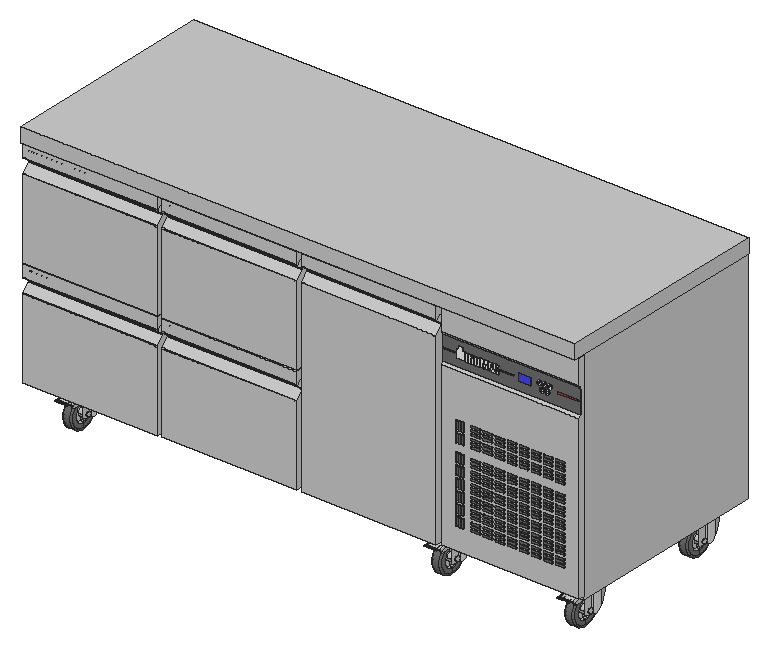
Revit family "QF_INOMAK_PNRP999_250513024609", category Specialty Equipment, Revit 2021 (continued)
Definition of nested family "QF_INOMAK_REF_COUNTERS_DOORS_DRAWERS_16448"
  Parameters (values of type "DR-LX-710")
    URL = "www.inomak.com"
    Top inset [instance] = 10 mm
    Technical Documentation [instance] = ""
    Tag Number [instance] = ""
    Status [instance] = ""
    Specification by User [instance] = ""
    Specification by Manufacturer [instance] = ""
    Sound Level [instance] = ""
    Solid Fuel Type [instance] = ""
    Show Logo [instance] = yes
    Show Clearances [instance] = yes
    Service Life Duration [instance] = ""
    Serial Number [instance] = ""
    Seismic Rating [instance] = ""
    SMACNA No [instance] = ""
    Right panel thickness [instance] = 0 mm
    Revision Code [instance] = ""
    Revision [instance] = ""
    Rear inset [instance] = 0 mm
    Production Year [instance] = ""
    Point Load [instance] = 0
    Plinth height [instance] = 0 mm
    Other Equipment Approvals [instance] = ""
    NAFEM Spec ID Number [instance] = ""
    Model Warning [instance] = ""
    Model = "DR-LX-710"
    Masterspec [instance] = ""
    Manufacturer = "INOMAK"
    Length Actual [instance] = 435 mm
    Left panel thickness [instance] = 0 mm
    Item Number [instance] = ""
    Installed By [instance] = ""
    Installation Date [instance] = ""
    Identify Quantity as Lot [instance] = yes
    ID [instance] = ""
    Hygiene Approval [instance] = ""
    Height Actual [instance] = 710 mm
    Furnished By [instance] = ""
    Front inset [instance] = 10 mm
    Foodservice Equipment Identifier [instance] = yes
    Finish [instance] = none
    ETL Approved [instance] = yes
    Doors drawers type [instance] = 8
    Description = "LEFT HINGED DOOR"
    Depth Actual [instance] = 700 mm
    Default Elevation = 0 mm
    CSI MasterFormat [instance] = ""
    CE Approved [instance] = yes
    Bottom inset [instance] = 10 mm
    Barcode [instance] = ""
    Author [instance] = ""
    Asset Identifier [instance] = ""
    Assembly Code = "E1090320"
    Accessory [instance] = yes
  Types (9, lengths in mm): name | Model | Height Actual | Doors drawers type | Description
    DW-2-710 | "DW-2-710" | 710 | 4 | "2 X GN 1/2 DRAWERS"
    DR-LX-710 | "DR-LX-710" | 710 | 8 | "LEFT HINGED DOOR"
    DR-RX-710 | "DR-RX-710" | 710 | 9 | "RIGHT HINGED DOOR"
    DW-3-710 | "DW-3-710" | 710 | 6 | "3 X GN 1/3 DRAWERS"
    DW-B-710 | "DW-B-710" | 710 | 5 | "1 X GN 1/3 & 1 X GN 2/3 DRAWERS"
    DW-2-483 | "DW-2-483" | 483 | 4 | "2 X GN 1/3 DRAWERS"
    DR-LX-483 | "DR-LX-483" | 483 | 8 | "LEFT HINGED DOOR"
    DR-RX-483 | "DR-RX-483" | 483 | 9 | "RIGHT HINGED DOOR"
    DW-1-483 | "DW-1-483" | 483 | 10 | "1 X GN 2/3 DRAWER"
  Reference planes
    plane 1 "Front": y = 0
    plane 2: z = 0
    plane 3 "Left": x = 0
    plane 4 "Right": x = 435
    plane 5 "Back": y = 700
    plane 6 "Top": z = 710
    plane 7 "Bottom shelf": z = 0
    plane 8: z = 700
    plane 9: z = 10
    plane 10: x = 0
    plane 11: x = 435
    plane 12 "Center Top Bottom": z = 355
  Lines and regions (mm)
    reference lines
      curve 1: line (0, 0, 355) -> (0, 25, 355)
      curve 2: line (435, 0, 355) -> (435, 25, 355)
      curve 3: line (0, 700, 355) -> (435, 700, 355)
      curve 4: line (0, 0, 355) -> (435, 0, 355)
  Dimensions and locks
    "Length Actual": plane 3 "Left" to plane 4 "Right"
    "Depth Actual": plane 1 "Front" to plane 5 "Back"
    "Height Actual": plane 6 "Top" to plane 7 "Bottom shelf"
    "Plinth height": plane 7 "Bottom shelf" to plane 2
    "Top inset": plane 6 "Top" to plane 8
    "Bottom inset": plane 9 to plane 7 "Bottom shelf"
    "Left panel thickness": plane 3 "Left" to plane 10
    "Right panel thickness": plane 11 to plane 4 "Right"
    equal spacing: plane 6 "Top", plane 12 "Center Top Bottom", plane 7 "Bottom shelf"
    "Length Actual": curve 1 to plane 4 "Right"
    "Length Actual": plane 3 "Left" to curve 2
    "Depth Actual": plane 1 "Front" to curve 3
    "Depth Actual": plane 5 "Back" to curve 4
    aligned and locked: level to plane 2
    aligned and locked: plane 3 "Left" to nested 1
    aligned and locked: plane 3 "Left" to nested 2
    aligned and locked: plane 3 "Left" to nested 3
    aligned and locked: plane 3 "Left" to nested 4
    aligned and locked: plane 3 "Left" to nested 5
    aligned and locked: plane 3 "Left" to nested 6
    aligned and locked: plane 3 "Left" to nested 7
    aligned and locked: plane 3 "Left" to nested 8
    aligned and locked: plane 3 "Left" to nested 9
    aligned and locked: nested 4 to plane 1 "Front"
    aligned and locked: nested 6 to plane 1 "Front"
    aligned and locked: nested 8 to plane 1 "Front"
    aligned and locked: nested 5 to plane 1 "Front"
    aligned and locked: nested 3 to plane 1 "Front"
    aligned and locked: nested 7 to plane 1 "Front"
    aligned and locked: nested 2 to plane 1 "Front"
    aligned and locked: nested 1 to plane 1 "Front"
    aligned and locked: nested 9 to plane 1 "Front"
  Automatic sketch dimensions
    curve 3 to plane 4 "Right" = 0 mm
    curve 3 to plane 3 "Left" = 0 mm
    curve 2 to curve 2 = 25 mm
    curve 1 to curve 1 = 25 mm
  Nested families
    nested 1: "Right_Door" at (0, 700, 0), Depth Actual <- "Depth Actual", Height Actual <- "Height Actual", Length Actual <- "Length Actual", Front inset <- "Front inset", Rear inset <- "Rear inset", Left panel thickness <- "Left panel thickness", Right panel thickness <- "Right panel thickness", Doors drawers type <- "Doors drawers type", Plinth height <- "Plinth height", Top inset <- "Top inset", Bottom inset <- "Bottom inset", type "Right door"
      with Top inset 10 mm, Right panel thickness 0 mm, Right hand hinged door no, Rear inset 0 mm, Plinth height 0 mm, Length Actual 435 mm, Left panel thickness 0 mm, Height Actual 710 mm, Front inset 10 mm, Doors drawers type 8, Depth Actual 700 mm, Bottom inset 10 mm
    nested 2: "Left_Door" at (0, 700, 0), Depth Actual <- "Depth Actual", Height Actual <- "Height Actual", Length Actual <- "Length Actual", Front inset <- "Front inset", Rear inset <- "Rear inset", Left panel thickness <- "Left panel thickness", Right panel thickness <- "Right panel thickness", Doors drawers type <- "Doors drawers type", Plinth height <- "Plinth height", Top inset <- "Top inset", Bottom inset <- "Bottom inset", type "Left door"
      with Top inset 10 mm, Right panel thickness 0 mm, Rear inset 0 mm, Plinth height 0 mm, Length Actual 435 mm, Left panel thickness 0 mm, Left hand hinged door yes, Height Actual 710 mm, Front inset 10 mm, Doors drawers type 8, Depth Actual 700 mm, Bottom inset 10 mm
    nested 3: "3_Drawers_1-3" at (0, 700, 0), Depth Actual <- "Depth Actual", Height Actual <- "Height Actual", Length Actual <- "Length Actual", Front inset <- "Front inset", Rear inset <- "Rear inset", Left panel thickness <- "Left panel thickness", Right panel thickness <- "Right panel thickness", Doors drawers type <- "Doors drawers type", Plinth height <- "Plinth height", Top inset <- "Top inset", Bottom inset <- "Bottom inset", type "3 Drawers 1-3"
      with Top inset 10 mm, Right panel thickness 0 mm, Rear inset 0 mm, Plinth height 0 mm, Length Actual 435 mm, Left panel thickness 0 mm, Height Actual 710 mm, Front inset 10 mm, Doors drawers type 8, Depth Actual 700 mm, Bottom inset 10 mm, 3 Drawers no
    nested 4: "2_Drawers_1-2" at (0, 700, 0), Depth Actual <- "Depth Actual", Height Actual <- "Height Actual", Length Actual <- "Length Actual", Front inset <- "Front inset", Rear inset <- "Rear inset", Left panel thickness <- "Left panel thickness", Right panel thickness <- "Right panel thickness", Doors drawers type <- "Doors drawers type", Plinth height <- "Plinth height", Top inset <- "Top inset", Bottom inset <- "Bottom inset", type "2 Drawers 1-2"
      with Top inset 10 mm, Right panel thickness 0 mm, Rear inset 0 mm, Plinth height 0 mm, Length Actual 435 mm, Left panel thickness 0 mm, Height Actual 710 mm, Front inset 10 mm, Doors drawers type 8, Depth Actual 700 mm, Bottom inset 10 mm, 2 Drawers no
    nested 5: "2_Drawers_1-3_2-3" at (0, 700, 0), Depth Actual <- "Depth Actual", Height Actual <- "Height Actual", Length Actual <- "Length Actual", Front inset <- "Front inset", Rear inset <- "Rear inset", Left panel thickness <- "Left panel thickness", Right panel thickness <- "Right panel thickness", Doors drawers type <- "Doors drawers type", Plinth height <- "Plinth height", Top inset <- "Top inset", Bottom inset <- "Bottom inset", type "2 Drawers 1-3 and 2-3"
      with Top inset 10 mm, Right panel thickness 0 mm, Rear inset 0 mm, Plinth height 0 mm, Length Actual 435 mm, Left panel thickness 0 mm, Height Actual 710 mm, Front inset 10 mm, Doors drawers type 8, Depth Actual 700 mm, Bottom inset 10 mm, 2 Drawers 1-3 and 2-3 no
    nested 6: "Sliding_Doors" at (0, 700, 0), Depth Actual <- "Depth Actual", Height Actual <- "Height Actual", Length Actual <- "Length Actual", Front inset <- "Front inset", Rear inset <- "Rear inset", Left panel thickness <- "Left panel thickness", Right panel thickness <- "Right panel thickness", Doors drawers type <- "Doors drawers type", Plinth height <- "Plinth height", Top inset <- "Top inset", Bottom inset <- "Bottom inset", Finish <- "Finish", type "Sliding doors"
      with Top inset 10 mm, Sliding doors no, Right panel thickness 0 mm, Rear inset 0 mm, Plinth height 0 mm, Length Actual 435 mm, Left panel thickness 0 mm, Height Actual 710 mm, Front inset 10 mm, Finish none, Doors drawers type 8, Depth Actual 700 mm, Bottom inset 10 mm
    nested 7: "4_Drawers_1-4" at (0, 700, 0), Depth Actual <- "Depth Actual", Height Actual <- "Height Actual", Length Actual <- "Length Actual", Front inset <- "Front inset", Rear inset <- "Rear inset", Left panel thickness <- "Left panel thickness", Right panel thickness <- "Right panel thickness", Doors drawers type <- "Doors drawers type", Plinth height <- "Plinth height", Top inset <- "Top inset", Bottom inset <- "Bottom inset", Finish <- "Finish", type "4 Drawers 1-4"
      with Top inset 10 mm, Right panel thickness 0 mm, Rear inset 0 mm, Plinth height 0 mm, Length Actual 435 mm, Left panel thickness 0 mm, Height Actual 710 mm, Front inset 10 mm, Finish none, Doors drawers type 8, Depth Actual 700 mm, Bottom inset 10 mm, 4 Drawers no
    nested 8: "Hinged_Doors" at (0, 700, 0), Length Actual <- "Length Actual", Depth Actual <- "Depth Actual", Height Actual <- "Height Actual", Front inset <- "Front inset", Rear inset <- "Rear inset", Left panel thickness <- "Left panel thickness", Right panel thickness <- "Right panel thickness", Doors drawers type <- "Doors drawers type", Plinth height <- "Plinth height", Top inset <- "Top inset", Bottom inset <- "Bottom inset", Finish <- "Finish", type "Hinged doors"
      with Top inset 10 mm, Right panel thickness 0 mm, Rear inset 0 mm, Plinth height 0 mm, Length Actual 435 mm, Left panel thickness 0 mm, Hinged doors no, Height Actual 710 mm, Front inset 10 mm, Finish none, Doors drawers type 8, Depth Actual 700 mm, Bottom inset 10 mm
    nested 9: "Hopper" at (0, 700, 1.284), Length Actual <- "Length Actual", Depth Actual <- "Depth Actual", Height Actual <- "Height Actual", Front inset <- "Front inset", Rear inset <- "Rear inset", Left panel thickness <- "Left panel thickness", Right panel thickness <- "Right panel thickness", Doors drawers type <- "Doors drawers type", Plinth height <- "Plinth height", Top inset <- "Top inset", Bottom inset <- "Bottom inset", Finish <- "Finish", type "Hopper"
      with Top inset 10 mm, Right panel thickness 0 mm, Rear inset 0 mm, Plinth height 0 mm, Length Actual 435 mm, Left panel thickness 0 mm, Hopper no, Height Actual 710 mm, Front inset 10 mm, Finish none, Doors drawers type 8, Depth Actual 700 mm, Bottom inset 10 mm
  Definition of nested family "Left_Door"
    Parameters (values of type "Left door")
      URL = "www.specifiglobal.com"
      Top inset [instance] = 10 mm
      Right panel thickness [instance] = 0 mm
      Rear inset [instance] = 0 mm
      Plinth height [instance] = 150 mm
      Model = ""
      Manufacturer = "DEMO CONSULTANT"
      Length Actual [instance] = 700 mm
      Left panel thickness [instance] = 0 mm
      Left hand hinged door [instance] = Doors drawers type = 8  # yes
      Height Actual [instance] = 710 mm
      Front inset [instance] = 10 mm
      Finish = none
      Doors drawers type [instance] = 8
      Description = ""
      Depth Actual [instance] = 700 mm
      Default Elevation = 0 mm
      Bottom inset [instance] = 0 mm
      Assembly Code = "E1090320"
    Reference planes
      plane 1 "Back": y = 0
      plane 2: z = 0
      plane 3 "Left": x = 0
      plane 4 "Right": x = 700
      plane 5 "Front": y = -700
      plane 6 "Top": z = 860
      plane 7 "Front legs": y = -690
      plane 8 "Legs top": z = 150
      plane 9 "Backsplash thickness": y = 0
      plane 10 "Left panel": x = 0
      plane 11 "Right panel": x = 700
      plane 12: z = 850
      plane 13: z = 150
    Forms (mm)
      Extrusion 1, solid, material <- "Finish", visible <- "Left hand hinged door"
        sketch origin (0, 0, 0) x (0, -1, 0) y (0, 0, 1)
          loop
            line (690, 150) -> (690, 764.365)
            arc (690, 764.365) -> (689.866, 765.037) -> (689.485, 765.607) r 1.757
            line (689.485, 765.607) -> (666.663, 788.429)
            arc (666.663, 788.429) -> (665.976, 789.458) -> (665.734, 790.672) r 3.172
            line (665.734, 790.672) -> (665.734, 817.576)
            arc (665.734, 817.576) -> (666.433, 819.262) -> (668.119, 819.961) r 2.385
            line (668.119, 819.961) -> (680.029, 819.961) -> (686.544, 810.657)
            arc (686.544, 810.657) -> (688.671, 809.935) -> (690, 811.747) r 1.9
            line (690, 811.747) -> (690, 850) -> (648, 850) -> (648, 150) -> (690, 150)
        from 0 to -700
      Extrusion 2, solid, visible <- "Left hand hinged door", detail levels coarse
        sketch origin (0, -700, 150) x (-1, 0, 0) y (0, 1, 0)
          loop
            arc (-700, 10) -> (-495.871, -481.066) -> (0, -673.23) r 677.11
            line (0, -673.23) -> (0, 10) -> (-700, 10)
        from 0 to -700
    Lines and regions (mm)
      symbolic lines, visible <- "Left hand hinged door"
        curve 1: line (0, -700, 150) -> (0, -1373.247, 150)
        curve 2: arc (0, -1373.247, 150) -> (492.316, -1184.595, 150) -> (700, -700, 150) r 676.963
    Dimensions and locks
      "Length Actual": plane 3 "Left" to plane 4 "Right"
      "Depth Actual": plane 5 "Front" to plane 1 "Back"
      "Height Actual": plane 6 "Top" to plane 8 "Legs top"
      "Front inset": plane 7 "Front legs" to plane 5 "Front"
      "Plinth height": plane 8 "Legs top" to plane 2
      "Rear inset": plane 9 "Backsplash thickness" to plane 1 "Back"
      "Right panel thickness": plane 11 "Right panel" to plane 4 "Right"
      "Left panel thickness": plane 3 "Left" to plane 10 "Left panel"
      "Top inset": plane 6 "Top" to plane 12
      "Bottom inset": plane 13 to plane 8 "Legs top"
      aligned and locked: level to plane 2
      aligned and locked: Extrusion 1 to plane 11 "Right panel"
      aligned and locked: plane 10 "Left panel" to Extrusion 2 sketch curve
      aligned and locked: plane 11 "Right panel" to Extrusion 2 sketch curve
      aligned and locked: Extrusion 2 sketch curve to plane 10 "Left panel"
      aligned and locked: plane 7 "Front legs" to Extrusion 2 sketch curve
      aligned and locked: plane 7 "Front legs" to Extrusion 2
      aligned and locked: plane 10 "Left panel" to Extrusion 2
      aligned and locked: Extrusion 2 to plane 12
      aligned and locked: Extrusion 1 sketch curve to plane 13
      aligned and locked: Extrusion 1 sketch curve to plane 7 "Front legs"
      aligned and locked: Extrusion 1 sketch curve to plane 12
    Automatic sketch dimensions
      Extrusion 1 sketch curve to Extrusion 1 sketch curve = 1.556 mm
      Extrusion 1 sketch curve to Extrusion 1 sketch curve = 11.91 mm
      Extrusion 1 sketch curve to Extrusion 1 sketch curve = 2.243 mm
      Extrusion 1 sketch curve to Extrusion 1 sketch curve = 2.385 mm
      Extrusion 1 sketch curve to Extrusion 1 sketch curve = 20.119 mm
      Extrusion 1 sketch curve to Extrusion 1 sketch curve = 22.822 mm
      Extrusion 1 sketch curve to Extrusion 1 sketch curve = 19.985 mm
      Extrusion 1 sketch curve to Extrusion 1 sketch curve = 6.919 mm
      Extrusion 1 sketch curve to Extrusion 1 sketch curve = 30.039 mm
      plane 7 "Front legs" to Extrusion 1 sketch curve = 42 mm
      Extrusion 1 sketch curve to Extrusion 1 sketch curve = 0.929 mm
      Extrusion 1 sketch curve to Extrusion 1 sketch curve = 6.515 mm
      Extrusion 1 sketch curve to Extrusion 1 sketch curve = 1.242 mm
      Extrusion 1 sketch curve to Extrusion 1 sketch curve = 1.9 mm
      Extrusion 1 sketch curve to Extrusion 1 sketch curve = 0.515 mm
      plane 5 "Front" to Extrusion 2 sketch curve = 3.492 mm
      plane 3 "Left" to Extrusion 2 sketch curve = 22.921 mm
      curve 1 to plane 3 "Left" = 0 mm
      curve 2 to plane 4 "Right" = 0 mm
      curve 2 to plane 5 "Front" = 0 mm
      curve 1 to plane 5 "Front" = 0 mm
      plane 5 "Front" to curve 2 = 3.324 mm
      plane 3 "Left" to curve 2 = 23.045 mm
  Definition of nested family "Right_Door"
    Parameters (values of type "Right door")
      URL = "www.specifiglobal.com"
      Top inset [instance] = 4 mm
      Right panel thickness [instance] = 35 mm
      Right hand hinged door [instance] = Doors drawers type = 9  # yes
      Rear inset [instance] = 10 mm
      Plinth height [instance] = 150 mm
      Model = ""
      Manufacturer = "DEMO CONSULTANT"
      Length Actual [instance] = 1700 mm
      Left panel thickness [instance] = 35 mm
      Height Actual [instance] = 900 mm
      Front inset [instance] = 10 mm
      Finish = none
      Doors drawers type [instance] = 9
      Description = ""
      Depth Actual [instance] = 700 mm
      Default Elevation = 0 mm
      Bottom inset [instance] = 4 mm
      Assembly Code = "E1090320"
    Reference planes
      plane 1 "Back": y = 0
      plane 2: z = 0
      plane 3 "Left": x = 0
      plane 4 "Right": x = 1700
      plane 5 "Front": y = -700
      plane 6 "Top": z = 1050
      plane 7 "Front legs": y = -690
      plane 8 "Legs top": z = 150
      plane 9 "Backsplash thickness": y = -10
      plane 10 "Left panel": x = 35
      plane 11 "Right panel": x = 1665
      plane 12: z = 1046
      plane 13: z = 154
    Forms (mm)
      Extrusion 1, solid, material <- "Finish", visible <- "Right hand hinged door"
        sketch origin (35, 0, 0) x (0, -1, 0) y (0, 0, 1)
          loop
            line (690, 154) -> (690, 960.365)
            arc (690, 960.365) -> (689.866, 961.037) -> (689.485, 961.607) r 1.757
            line (689.485, 961.607) -> (666.663, 984.429)
            arc (666.663, 984.429) -> (665.976, 985.458) -> (665.734, 986.672) r 3.172
            line (665.734, 986.672) -> (665.734, 1013.576)
            arc (665.734, 1013.576) -> (666.433, 1015.262) -> (668.119, 1015.961) r 2.385
            line (668.119, 1015.961) -> (680.029, 1015.961) -> (686.544, 1006.657)
            arc (686.544, 1006.657) -> (688.671, 1005.935) -> (690, 1007.747) r 1.9
            line (690, 1007.747) -> (690, 1046) -> (648, 1046) -> (648, 154) -> (690, 154)
        from 0 to -1630
      Extrusion 2, solid, visible <- "Right hand hinged door", detail levels coarse
        sketch origin (0, -700, 154) x (-1, 0, 0) y (0, 1, 0)
          loop
            line (-1665, 10) -> (-1665, -1637.12)
            arc (-1665, -1637.12) -> (-517.894, -1142.214) -> (-35, 10) r 1670.236
            line (-35, 10) -> (-1665, 10)
        from 0 to -892
    Lines and regions (mm)
      symbolic lines, visible <- "Right hand hinged door"
        curve 1: line (1665, -2337.12, 150) -> (1665, -700, 150)
        curve 2: arc (1665, -2337.12, 150) -> (521.415, -1845.762, 150) -> (35.165, -699.995, 150) r 1670.236
    Dimensions and locks
      "Length Actual": plane 3 "Left" to plane 4 "Right"
      "Depth Actual": plane 5 "Front" to plane 1 "Back"
      "Height Actual": plane 6 "Top" to plane 8 "Legs top"
      "Front inset": plane 7 "Front legs" to plane 5 "Front"
      "Plinth height": plane 8 "Legs top" to plane 2
      "Rear inset": plane 9 "Backsplash thickness" to plane 1 "Back"
      "Right panel thickness": plane 11 "Right panel" to plane 4 "Right"
      "Left panel thickness": plane 3 "Left" to plane 10 "Left panel"
      "Top inset": plane 6 "Top" to plane 12
      "Bottom inset": plane 13 to plane 8 "Legs top"
      aligned and locked: level to plane 2
      aligned and locked: Extrusion 1 to plane 11 "Right panel"
      aligned and locked: plane 10 "Left panel" to Extrusion 2 sketch curve
      aligned and locked: plane 11 "Right panel" to Extrusion 2 sketch curve
      aligned and locked: plane 7 "Front legs" to Extrusion 2
      aligned and locked: plane 7 "Front legs" to Extrusion 2 sketch curve
      aligned and locked: Extrusion 2 sketch curve to plane 11 "Right panel"
      aligned and locked: curve 1 to Extrusion 2
      aligned and locked: plane 5 "Front" to curve 1
      aligned and locked: Extrusion 2 to plane 12
      aligned and locked: Extrusion 1 sketch curve to plane 12
      aligned and locked: Extrusion 1 sketch curve to plane 7 "Front legs"
      aligned and locked: Extrusion 1 sketch curve to plane 13
      aligned and locked: curve 2 to Extrusion 2
    Automatic sketch dimensions
      Extrusion 1 sketch curve to Extrusion 1 sketch curve = 1.556 mm
      Extrusion 1 sketch curve to Extrusion 1 sketch curve = 11.91 mm
      Extrusion 1 sketch curve to Extrusion 1 sketch curve = 2.243 mm
      Extrusion 1 sketch curve to Extrusion 1 sketch curve = 2.385 mm
      Extrusion 1 sketch curve to Extrusion 1 sketch curve = 20.119 mm
      Extrusion 1 sketch curve to Extrusion 1 sketch curve = 22.822 mm
      Extrusion 1 sketch curve to Extrusion 1 sketch curve = 19.985 mm
      Extrusion 1 sketch curve to Extrusion 1 sketch curve = 6.919 mm
      Extrusion 1 sketch curve to Extrusion 1 sketch curve = 30.039 mm
      plane 7 "Front legs" to Extrusion 1 sketch curve = 42 mm
      Extrusion 1 sketch curve to Extrusion 1 sketch curve = 0.929 mm
      Extrusion 1 sketch curve to Extrusion 1 sketch curve = 6.515 mm
      Extrusion 1 sketch curve to Extrusion 1 sketch curve = 1.242 mm
      Extrusion 1 sketch curve to Extrusion 1 sketch curve = 1.9 mm
      Extrusion 1 sketch curve to Extrusion 1 sketch curve = 0.515 mm
      Extrusion 2 sketch curve to plane 4 "Right" = 5.083 mm
      plane 7 "Front legs" to Extrusion 2 sketch curve = 22.635 mm
      plane 5 "Front" to curve 2 = 0.005 mm
  Definition of nested family "3_Drawers_1-3"
    Parameters (values of type "3 Drawers 1-3")
      URL = "www.specifiglobal.com"
      Top inset [instance] = 4 mm
      Right panel thickness [instance] = 35 mm
      Rear inset [instance] = 10 mm
      Plinth height [instance] = 150 mm
      Model = ""
      Manufacturer = "DEMO CONSULTANT"
      Length Actual [instance] = 1200 mm
      Left panel thickness [instance] = 35 mm
      Height Actual [instance] = 900 mm
      Front inset [instance] = 10 mm
      Finish = none
      Doors drawers type [instance] = 6
      Description = ""
      Depth Actual [instance] = 700 mm
      Default Elevation = 0 mm
      Bottom inset [instance] = 4 mm
      Assembly Code = "E1090320"
      3 Drawers [instance] = Doors drawers type = 6  # yes
    Reference planes
      plane 1 "Back": y = 0
      plane 2: z = 0
      plane 3 "Left": x = 0
      plane 4 "Right": x = 1200
      plane 5 "Front": y = -700
      plane 6 "Top": z = 1050
      plane 7 "Front legs": y = -690
      plane 8 "Legs top": z = 150
      plane 9 "Backsplash thickness": y = -10
      plane 10 "Left panel": x = 35
      plane 11 "Right panel": x = 1165
      plane 12: z = 749.333
      plane 13: z = 1046
      plane 14: z = 751.667
      plane 15: z = 747
      plane 16: z = 1048
      plane 17: z = 450.667
      plane 18: z = 453.333
      plane 19: z = 448
      plane 20: z = 154
      plane 21: z = 152
    Forms (mm)
      Extrusion 1, solid, material <- "Finish", visible <- "3 Drawers"
        sketch origin (35, 0, 0) x (0, -1, 0) y (0, 0, 1)
          loop
            line (690, 751.667) -> (690, 960.365)
            arc (690, 960.365) -> (689.866, 961.037) -> (689.485, 961.607) r 1.757
            line (689.485, 961.607) -> (666.663, 984.429)
            arc (666.663, 984.429) -> (665.976, 985.458) -> (665.734, 986.672) r 3.172
            line (665.734, 986.672) -> (665.734, 1013.576)
            arc (665.734, 1013.576) -> (666.433, 1015.262) -> (668.119, 1015.961) r 2.385
            line (668.119, 1015.961) -> (680.029, 1015.961) -> (686.544, 1006.657)
            arc (686.544, 1006.657) -> (688.671, 1005.935) -> (690, 1007.747) r 1.9
            line (690, 1007.747) -> (690, 1046) -> (648, 1046) -> (648, 751.667) -> (690, 751.667)
        from 0 to -1130
      Extrusion 2, solid, visible <- "3 Drawers", detail levels coarse
        sketch origin (0, -640.463, 751.667) x (0, 1, 0) y (-1, 0, 0)
          loop
            line (-49.537, -35) -> (-624.582, -35) -> (-624.582, -1165) -> (-49.537, -1165) -> (-49.537, -35)
        from 0 to 294.333
      Extrusion 3, solid, visible <- "3 Drawers", detail levels coarse
        sketch origin (0, -640.463, 453.333) x (0, 1, 0) y (-1, 0, 0)
          loop
            line (-49.537, -35) -> (-624.582, -35) -> (-624.582, -1165) -> (-49.537, -1165) -> (-49.537, -35)
        from 0 to 293.667
      Extrusion 4, solid, visible <- "3 Drawers", detail levels coarse
        sketch origin (0, -700, 154) x (-1, 0, 0) y (0, 1, 0)
          loop
            line (-35, 10) -> (-1165, 10) -> (-1165, -565.045) -> (-35, -565.045) -> (-35, 10)
        from 0 to -294
      Extrusion 5, solid, material <- "Finish", visible <- "3 Drawers"
        sketch origin (35, 0, -220.667) x (0, -1, 0) y (0, 0, 1)
          loop
            line (690, 674) -> (690, 882.031)
            arc (690, 882.031) -> (689.866, 882.704) -> (689.485, 883.274) r 1.757
            line (689.485, 883.274) -> (666.663, 906.096)
            arc (666.663, 906.096) -> (665.976, 907.125) -> (665.734, 908.339) r 3.172
            line (665.734, 908.339) -> (665.734, 935.243)
            arc (665.734, 935.243) -> (666.433, 936.929) -> (668.119, 937.628) r 2.385
            line (668.119, 937.628) -> (680.029, 937.628) -> (686.544, 928.324)
            arc (686.544, 928.324) -> (688.671, 927.602) -> (690, 929.414) r 1.9
            line (690, 929.414) -> (690, 967.667) -> (648, 967.667) -> (648, 674) -> (690, 674)
        from 0 to -1130
      Extrusion 6, solid, material <- "Finish", visible <- "3 Drawers"
        sketch origin (35, 0, -441.333) x (0, -1, 0) y (0, 0, 1)
          loop
            line (690, 595.333) -> (690, 800.031)
            arc (690, 800.031) -> (689.866, 800.704) -> (689.485, 801.274) r 1.757
            line (689.485, 801.274) -> (666.663, 824.096)
            arc (666.663, 824.096) -> (665.976, 825.125) -> (665.734, 826.339) r 3.172
            line (665.734, 826.339) -> (665.734, 857.243)
            arc (665.734, 857.243) -> (666.433, 858.929) -> (668.119, 859.628) r 2.385
            line (668.119, 859.628) -> (680.029, 859.628) -> (686.544, 850.324)
            arc (686.544, 850.324) -> (688.671, 849.602) -> (690, 851.414) r 1.9
            line (690, 851.414) -> (690, 889.333) -> (648, 889.333) -> (648, 595.333) -> (690, 595.333)
        from 0 to -1130
    Lines and regions (mm)
      symbolic lines, visible <- "3 Drawers"
        curve 1: line (35, -850, 900) -> (35, -890, 900)
        curve 2: line (35, -890, 900) -> (1165, -890, 900)
        curve 3: line (1165, -890, 900) -> (1165, -850, 900)
        curve 4: line (1165, -850, 900) -> (35, -850, 900)
        curve 5: line (1135, -850, 900) -> (1135, -700, 900)
        curve 6: line (65, -850, 900) -> (65, -700, 900)
        curve 7: line (35, -1040, 900) -> (35, -1080, 900)
        curve 8: line (35, -1080, 900) -> (1165, -1080, 900)
        curve 9: line (1165, -1080, 900) -> (1165, -1040, 900)
        curve 10: line (1165, -1040, 900) -> (35, -1040, 900)
        curve 11: line (1135, -1040, 900) -> (1135, -890, 900)
        curve 12: line (65, -1040, 900) -> (65, -890, 900)
        curve 13: line (35, -1225, 900) -> (35, -1265, 900)
        curve 14: line (35, -1265, 900) -> (1165, -1265, 900)
        curve 15: line (1165, -1265, 900) -> (1165, -1225, 900)
        curve 16: line (1165, -1225, 900) -> (35, -1225, 900)
        curve 17: line (1135, -1225, 900) -> (1135, -1080, 900)
        curve 18: line (65, -1225, 900) -> (65, -1080, 900)
    Dimensions and locks
      "Length Actual": plane 3 "Left" to plane 4 "Right"
      "Depth Actual": plane 5 "Front" to plane 1 "Back"
      "Height Actual": plane 6 "Top" to plane 8 "Legs top"
      "Front inset": plane 7 "Front legs" to plane 5 "Front"
      "Plinth height": plane 8 "Legs top" to plane 2
      "Rear inset": plane 9 "Backsplash thickness" to plane 1 "Back"
      "Right panel thickness": plane 11 "Right panel" to plane 4 "Right"
      "Left panel thickness": plane 3 "Left" to plane 10 "Left panel"
      plane 14 to plane 15 = 4.667 mm
      equal spacing: plane 14, plane 12, plane 15
      locked: plane 16 to plane 13 at 2
      equal spacing: plane 18, plane 17, plane 19
      plane 18 to plane 19 = 5.333 mm
      "Bottom inset": plane 20 to plane 8 "Legs top"
      equal spacing: plane 21, plane 17, plane 12, plane 16
      "Top inset": plane 13 to plane 6 "Top"
      locked: plane 21 to plane 20 at 2
      aligned and locked: level to plane 2
      aligned and locked: Extrusion 1 to plane 11 "Right panel"
      aligned and locked: plane 10 "Left panel" to curve 1
      aligned and locked: plane 10 "Left panel" to curve 7
      aligned and locked: plane 10 "Left panel" to curve 13
      aligned and locked: Extrusion 2 sketch curve to plane 10 "Left panel"
      aligned and locked: plane 11 "Right panel" to Extrusion 2 sketch curve
      aligned and locked: Extrusion 3 sketch curve to plane 10 "Left panel"
      aligned and locked: plane 11 "Right panel" to Extrusion 3 sketch curve
      aligned and locked: Extrusion 4 sketch curve to plane 10 "Left panel"
      aligned and locked: plane 11 "Right panel" to Extrusion 4 sketch curve
      aligned and locked: Extrusion 2 to plane 13
      aligned and locked: Extrusion 3 to plane 15
      aligned and locked: Extrusion 4 to plane 19
      aligned and locked: Extrusion 5 to plane 11 "Right panel"
      aligned and locked: Extrusion 6 to plane 11 "Right panel"
      aligned and locked: Extrusion 1 sketch curve to plane 13
      aligned and locked: Extrusion 1 sketch curve to plane 7 "Front legs"
      aligned and locked: plane 18 to Extrusion 5 sketch curve
      aligned and locked: Extrusion 6 sketch curve to Extrusion 4  (x2)
      aligned and locked: Extrusion 5 sketch curve to plane 15
      aligned and locked: Extrusion 4 to Extrusion 5 sketch curve
      aligned and locked: Extrusion 6 sketch curve to plane 19
      aligned and locked: Extrusion 6 sketch curve to plane 20
    Automatic sketch dimensions
      Extrusion 2 sketch curve to plane 7 "Front legs" = 0 mm
      Extrusion 2 sketch curve to plane 5 "Front" = 565.045 mm
      Extrusion 3 sketch curve to plane 7 "Front legs" = 0 mm
      Extrusion 3 sketch curve to plane 5 "Front" = 565.045 mm
      Extrusion 4 sketch curve to plane 7 "Front legs" = 0 mm
      Extrusion 4 sketch curve to plane 5 "Front" = 565.045 mm
      curve 14 to plane 11 "Right panel" = 0 mm
      curve 8 to plane 11 "Right panel" = 0 mm
      curve 3 to plane 11 "Right panel" = 0 mm
      curve 6 to plane 5 "Front" = 0 mm
      curve 5 to plane 5 "Front" = 0 mm
      curve 1 to plane 5 "Front" = 150 mm
      curve 2 to curve 3 = 40 mm
      curve 10 to curve 1 = 150 mm
      curve 9 to curve 9 = 40 mm
      curve 13 to curve 7 = 145 mm
      curve 14 to curve 13 = 40 mm
      curve 3 to curve 5 = 30 mm
      curve 15 to curve 17 = 30 mm
      curve 11 to curve 17 = 0 mm
      curve 6 to plane 10 "Left panel" = 30 mm
      curve 18 to plane 10 "Left panel" = 30 mm
      curve 12 to curve 18 = 0 mm
      Extrusion 1 sketch curve to plane 14 = 0 mm
      Extrusion 1 sketch curve to plane 7 "Front legs" = 0 mm
      plane 7 "Front legs" to Extrusion 1 sketch curve = 0.515 mm
      plane 7 "Front legs" to Extrusion 1 sketch curve = 1.757 mm
      plane 7 "Front legs" to Extrusion 1 sketch curve = 1.9 mm
      Extrusion 1 sketch curve to Extrusion 1 sketch curve = 1.556 mm
      plane 7 "Front legs" to Extrusion 1 sketch curve = 9.971 mm
      plane 7 "Front legs" to Extrusion 1 sketch curve = 21.094 mm
      Extrusion 1 sketch curve to Extrusion 1 sketch curve = 11.91 mm
      Extrusion 1 sketch curve to Extrusion 1 sketch curve = 2.243 mm
      Extrusion 1 sketch curve to Extrusion 1 sketch curve = 2.385 mm
      Extrusion 1 sketch curve to Extrusion 1 sketch curve = 20.119 mm
      plane 13 to Extrusion 1 sketch curve = 85.635 mm
      Extrusion 1 sketch curve to Extrusion 1 sketch curve = 22.822 mm
      Extrusion 1 sketch curve to Extrusion 1 sketch curve = 19.985 mm
      Extrusion 1 sketch curve to Extrusion 1 sketch curve = 6.919 mm
      plane 15 to Extrusion 5 sketch curve = 59.328 mm
      Extrusion 5 sketch curve to Extrusion 5 sketch curve = 17.734 mm
      plane 15 to Extrusion 5 sketch curve = 61.571 mm
      Extrusion 5 sketch curve to Extrusion 5 sketch curve = 0.929 mm
      Extrusion 5 sketch curve to Extrusion 5 sketch curve = 2.385 mm
      Extrusion 5 sketch curve to Extrusion 5 sketch curve = 11.91 mm
      Extrusion 5 sketch curve to Extrusion 5 sketch curve = 6.515 mm
      Extrusion 5 sketch curve to Extrusion 5 sketch curve = 1.556 mm
      Extrusion 5 sketch curve to Extrusion 5 sketch curve = 21.58 mm
      plane 15 to Extrusion 5 sketch curve = 84.393 mm
      Extrusion 5 sketch curve to Extrusion 5 sketch curve = 1.242 mm
      Extrusion 5 sketch curve to Extrusion 5 sketch curve = 1.9 mm
      Extrusion 5 sketch curve to Extrusion 5 sketch curve = 0.515 mm
      Extrusion 5 sketch curve to Extrusion 5 sketch curve = 6.919 mm
      Extrusion 5 sketch curve to Extrusion 5 sketch curve = 30.039 mm
      plane 7 "Front legs" to Extrusion 6 sketch curve = 0.515 mm
      plane 7 "Front legs" to Extrusion 6 sketch curve = 1.757 mm
      plane 7 "Front legs" to Extrusion 6 sketch curve = 1.9 mm
      Extrusion 6 sketch curve to Extrusion 6 sketch curve = 1.556 mm
      plane 7 "Front legs" to Extrusion 6 sketch curve = 9.971 mm
      plane 7 "Front legs" to Extrusion 6 sketch curve = 21.094 mm
      Extrusion 6 sketch curve to Extrusion 6 sketch curve = 11.91 mm
      Extrusion 6 sketch curve to Extrusion 6 sketch curve = 2.243 mm
      Extrusion 6 sketch curve to Extrusion 6 sketch curve = 2.385 mm
      Extrusion 6 sketch curve to Extrusion 6 sketch curve = 20.119 mm
      plane 19 to Extrusion 6 sketch curve = 89.302 mm
      Extrusion 6 sketch curve to Extrusion 6 sketch curve = 22.822 mm
      Extrusion 6 sketch curve to Extrusion 6 sketch curve = 23.985 mm
      Extrusion 6 sketch curve to Extrusion 6 sketch curve = 6.919 mm
  Definition of nested family "2_Drawers_1-2"
    Parameters (values of type "2 Drawers 1-2")
      URL = "www.specifiglobal.com"
      Top inset [instance] = 4 mm
      Right panel thickness [instance] = 35 mm
      Rear inset [instance] = 10 mm
      Plinth height [instance] = 150 mm
      Model = ""
      Manufacturer = "DEMO CONSULTANT"
      Length Actual [instance] = 1200 mm
      Left panel thickness [instance] = 35 mm
      Height Actual [instance] = 900 mm
      Front inset [instance] = 10 mm
      Finish = none
      Doors drawers type [instance] = 4
      Description = ""
      Depth Actual [instance] = 700 mm
      Default Elevation = 0 mm
      Bottom inset [instance] = 4 mm
      Assembly Code = "E1090320"
      2 Drawers [instance] = Doors drawers type = 4  # yes
    Reference planes
      plane 1 "Back": y = 0
      plane 2: z = 0
      plane 3 "Left": x = 0
      plane 4 "Right": x = 1200
      plane 5 "Front": y = -700
      plane 6 "Top": z = 1050
      plane 7 "Front legs": y = -690
      plane 8 "Legs top": z = 150
      plane 9 "Backsplash thickness": y = -10
      plane 10 "Left panel": x = 35
      plane 11 "Right panel": x = 1165
      plane 12: z = 600
      plane 13: z = 1046
      plane 14: z = 602
      plane 15: z = 598
      plane 16: z = 154
    Forms (mm)
      Extrusion 1, solid, material <- "Finish", visible <- "2 Drawers"
        sketch origin (35, 0, 0) x (0, -1, 0) y (0, 0, 1)
          loop
            line (690, 602) -> (690, 960.365)
            arc (690, 960.365) -> (689.866, 961.037) -> (689.485, 961.607) r 1.757
            line (689.485, 961.607) -> (666.663, 984.429)
            arc (666.663, 984.429) -> (665.976, 985.458) -> (665.734, 986.672) r 3.172
            line (665.734, 986.672) -> (665.734, 1013.576)
            arc (665.734, 1013.576) -> (666.433, 1015.262) -> (668.119, 1015.961) r 2.385
            line (668.119, 1015.961) -> (680.029, 1015.961) -> (686.544, 1006.657)
            arc (686.544, 1006.657) -> (688.671, 1005.935) -> (690, 1007.747) r 1.9
            line (690, 1007.747) -> (690, 1046) -> (648, 1046) -> (648, 602) -> (690, 602)
        from 0 to -1130
      Extrusion 2, solid, visible <- "2 Drawers", detail levels coarse
        sketch origin (0, -640.463, 602) x (0, 1, 0) y (-1, 0, 0)
          loop
            line (-49.537, -35) -> (-624.537, -35) -> (-624.537, -1165) -> (-49.537, -1165) -> (-49.537, -35)
        from 0 to 444
      Extrusion 3, solid, visible <- "2 Drawers", detail levels coarse
        sketch origin (0, -700, 154) x (-1, 0, 0) y (0, 1, 0)
          loop
            line (-35, 10) -> (-1165, 10) -> (-1165, -565) -> (-35, -565) -> (-35, 10)
        from 0 to -444
      Extrusion 4, solid, material <- "Finish", visible <- "2 Drawers"
        sketch origin (35, 0, -441.333) x (0, -1, 0) y (0, 0, 1)
          loop
            line (690, 595.333) -> (690, 953.698)
            arc (690, 953.698) -> (689.866, 954.37) -> (689.485, 954.94) r 1.757
            line (689.485, 954.94) -> (666.663, 977.763)
            arc (666.663, 977.763) -> (665.976, 978.792) -> (665.734, 980.006) r 3.172
            line (665.734, 980.006) -> (665.734, 1006.909)
            arc (665.734, 1006.909) -> (666.433, 1008.596) -> (668.119, 1009.294) r 2.385
            line (668.119, 1009.294) -> (680.029, 1009.294) -> (686.544, 999.991)
            arc (686.544, 999.991) -> (688.671, 999.268) -> (690, 1001.08) r 1.9
            line (690, 1001.08) -> (690, 1039.333) -> (648, 1039.333) -> (648, 595.333) -> (690, 595.333)
        from 0 to -1130
    Lines and regions (mm)
      symbolic lines, visible <- "2 Drawers"
        curve 1: line (35, -940, 900) -> (35, -980, 900)
        curve 2: line (35, -980, 900) -> (1165, -980, 900)
        curve 3: line (1165, -980, 900) -> (1165, -940, 900)
        curve 4: line (1165, -940, 900) -> (35, -940, 900)
        curve 5: line (1135, -940, 900) -> (1135, -700, 900)
        curve 6: line (65, -940, 900) -> (65, -700, 900)
        curve 7: line (35, -1225, 900) -> (35, -1265, 900)
        curve 8: line (35, -1265, 900) -> (1165, -1265, 900)
        curve 9: line (1165, -1265, 900) -> (1165, -1225, 900)
        curve 10: line (1165, -1225, 900) -> (35, -1225, 900)
        curve 11: line (1135, -1225, 900) -> (1135, -980, 900)
        curve 12: line (65, -1225, 900) -> (65, -980, 900)
    Dimensions and locks
      "Length Actual": plane 3 "Left" to plane 4 "Right"
      "Depth Actual": plane 5 "Front" to plane 1 "Back"
      "Height Actual": plane 6 "Top" to plane 8 "Legs top"
      "Front inset": plane 7 "Front legs" to plane 5 "Front"
      "Plinth height": plane 8 "Legs top" to plane 2
      "Rear inset": plane 9 "Backsplash thickness" to plane 1 "Back"
      "Right panel thickness": plane 11 "Right panel" to plane 4 "Right"
      "Left panel thickness": plane 3 "Left" to plane 10 "Left panel"
      "Top inset": plane 6 "Top" to plane 13
      "Bottom inset": plane 16 to plane 8 "Legs top"
      equal spacing: plane 16, plane 12, plane 13
      locked: plane 14 to plane 12 at 2
      locked: plane 15 to plane 12 at 2
      aligned and locked: level to plane 2
      aligned and locked: Extrusion 1 to plane 11 "Right panel"
      aligned and locked: plane 10 "Left panel" to curve 1
      aligned and locked: plane 10 "Left panel" to curve 7
      aligned and locked: Extrusion 2 sketch curve to plane 10 "Left panel"
      aligned and locked: plane 11 "Right panel" to Extrusion 2 sketch curve
      aligned and locked: Extrusion 3 sketch curve to plane 10 "Left panel"
      aligned and locked: plane 11 "Right panel" to Extrusion 3 sketch curve
      aligned and locked: Extrusion 2 to plane 13
      aligned and locked: Extrusion 4 to plane 11 "Right panel"
      aligned and locked: Extrusion 3 to plane 15
      aligned and locked: Extrusion 1 sketch curve to plane 13
      aligned and locked: Extrusion 1 sketch curve to plane 7 "Front legs"
      aligned and locked: plane 14 to Extrusion 1 sketch curve
      aligned and locked: Extrusion 4 sketch curve to plane 15
      aligned and locked: Extrusion 4 sketch curve to plane 7 "Front legs"
      aligned and locked: Extrusion 4 sketch curve to plane 16
    Automatic sketch dimensions
      Extrusion 2 sketch curve to plane 7 "Front legs" = 0 mm
      Extrusion 2 sketch curve to plane 5 "Front" = 565 mm
      Extrusion 3 sketch curve to plane 7 "Front legs" = 0 mm
      Extrusion 3 sketch curve to plane 5 "Front" = 565 mm
      curve 9 to plane 11 "Right panel" = 0 mm
      curve 2 to plane 11 "Right panel" = 0 mm
      curve 5 to plane 5 "Front" = 0 mm
      curve 6 to plane 5 "Front" = 0 mm
      curve 1 to plane 5 "Front" = 240 mm
      curve 3 to curve 3 = 40 mm
      curve 7 to curve 1 = 245 mm
      curve 8 to curve 9 = 40 mm
      plane 11 "Right panel" to curve 5 = 30 mm
      curve 2 to curve 11 = 30 mm
      curve 6 to plane 10 "Left panel" = 30 mm
      curve 12 to plane 10 "Left panel" = 30 mm
      Extrusion 1 sketch curve to Extrusion 1 sketch curve = 17.734 mm
      Extrusion 1 sketch curve to Extrusion 1 sketch curve = 0.929 mm
      Extrusion 1 sketch curve to Extrusion 1 sketch curve = 2.385 mm
      Extrusion 1 sketch curve to Extrusion 1 sketch curve = 3.172 mm
      Extrusion 1 sketch curve to Extrusion 1 sketch curve = 11.91 mm
      Extrusion 1 sketch curve to Extrusion 1 sketch curve = 6.515 mm
      Extrusion 1 sketch curve to Extrusion 1 sketch curve = 1.556 mm
      Extrusion 1 sketch curve to Extrusion 1 sketch curve = 21.58 mm
      Extrusion 1 sketch curve to Extrusion 1 sketch curve = 1.242 mm
      Extrusion 1 sketch curve to Extrusion 1 sketch curve = 1.9 mm
      Extrusion 1 sketch curve to Extrusion 1 sketch curve = 0.515 mm
      Extrusion 1 sketch curve to Extrusion 1 sketch curve = 22.822 mm
      Extrusion 1 sketch curve to Extrusion 1 sketch curve = 19.985 mm
      Extrusion 1 sketch curve to Extrusion 1 sketch curve = 6.919 mm
      Extrusion 1 sketch curve to Extrusion 1 sketch curve = 30.039 mm
      Extrusion 4 sketch curve to plane 7 "Front legs" = 0 mm
      plane 7 "Front legs" to Extrusion 4 sketch curve = 0.515 mm
      plane 7 "Front legs" to Extrusion 4 sketch curve = 1.757 mm
      plane 7 "Front legs" to Extrusion 4 sketch curve = 1.9 mm
      Extrusion 4 sketch curve to Extrusion 4 sketch curve = 1.556 mm
      plane 7 "Front legs" to Extrusion 4 sketch curve = 9.971 mm
      plane 7 "Front legs" to Extrusion 4 sketch curve = 21.094 mm
      Extrusion 4 sketch curve to Extrusion 4 sketch curve = 11.91 mm
      Extrusion 4 sketch curve to Extrusion 4 sketch curve = 2.243 mm
      Extrusion 4 sketch curve to Extrusion 4 sketch curve = 2.385 mm
      Extrusion 4 sketch curve to Extrusion 4 sketch curve = 20.119 mm
      Extrusion 4 sketch curve to Extrusion 4 sketch curve = 22.822 mm
      Extrusion 4 sketch curve to Extrusion 4 sketch curve = 19.985 mm
      Extrusion 4 sketch curve to Extrusion 4 sketch curve = 6.919 mm
      Extrusion 4 sketch curve to Extrusion 4 sketch curve = 30.039 mm
  Definition of nested family "2_Drawers_1-3_2-3"
    Parameters (values of type "2 Drawers 1-3 and 2-3")
      URL = "www.specifiglobal.com"
      Top inset [instance] = 4 mm
      Right panel thickness [instance] = 35 mm
      Rear inset [instance] = 10 mm
      Plinth height [instance] = 150 mm
      Model = ""
      Manufacturer = "DEMO CONSULTANT"
      Length Actual [instance] = 1200 mm
      Left panel thickness [instance] = 35 mm
      Height Actual [instance] = 900 mm
      Front inset [instance] = 10 mm
      Finish = none
      Doors drawers type [instance] = 5
      Description = ""
      Depth Actual [instance] = 700 mm
      Default Elevation = 0 mm
      Bottom inset [instance] = 4 mm
      Assembly Code = "E1090320"
      2 Drawers 1-3 and 2-3 [instance] = Doors drawers type = 5  # yes
    Reference planes
      plane 1 "Back": y = 0
      plane 2: z = 0
      plane 3 "Left": x = 0
      plane 4 "Right": x = 1200
      plane 5 "Front": y = -700
      plane 6 "Top": z = 1050
      plane 7 "Front legs": y = -690
      plane 8 "Legs top": z = 150
      plane 9 "Backsplash thickness": y = -10
      plane 10 "Left panel": x = 35
      plane 11 "Right panel": x = 1165
      plane 12: z = 1046
      plane 13: z = 751.833
      plane 14: z = 746.833
      plane 15: z = 154
      plane 16: z = 450.667
      plane 17: z = 152
      plane 18: z = 1048
      plane 19: z = 749.333
    Forms (mm)
      Extrusion 1, solid, material <- "Finish", visible <- "2 Drawers 1-3 and 2-3"
        sketch origin (35, 0, 0) x (0, -1, 0) y (0, 0, 1)
          loop
            line (690, 751.833) -> (690, 960.365)
            arc (690, 960.365) -> (689.866, 961.037) -> (689.485, 961.607) r 1.757
            line (689.485, 961.607) -> (666.663, 984.429)
            arc (666.663, 984.429) -> (665.976, 985.458) -> (665.734, 986.672) r 3.172
            line (665.734, 986.672) -> (665.734, 1013.576)
            arc (665.734, 1013.576) -> (666.433, 1015.262) -> (668.119, 1015.961) r 2.385
            line (668.119, 1015.961) -> (680.029, 1015.961) -> (686.544, 1006.657)
            arc (686.544, 1006.657) -> (688.671, 1005.935) -> (690, 1007.747) r 1.9
            line (690, 1007.747) -> (690, 1046) -> (648, 1046) -> (648, 751.833) -> (690, 751.833)
        from 0 to -1130
      Extrusion 2, solid, visible <- "2 Drawers 1-3 and 2-3", detail levels coarse
        sketch origin (0, -640.463, 751.833) x (0, 1, 0) y (-1, 0, 0)
          loop
            line (-49.537, -35) -> (-624.537, -35) -> (-624.537, -1165) -> (-49.537, -1165) -> (-49.537, -35)
        from 0 to 294.167
      Extrusion 3, solid, visible <- "2 Drawers 1-3 and 2-3", detail levels coarse
        sketch origin (0, -700, 154) x (-1, 0, 0) y (0, 1, 0)
          loop
            line (-35, 10) -> (-1165, 10) -> (-1165, -565) -> (-35, -565) -> (-35, 10)
        from 0 to -592.833
      Extrusion 4, solid, material <- "Finish", visible <- "2 Drawers 1-3 and 2-3"
        sketch origin (35, 0, -441.333) x (0, -1, 0) y (0, 0, 1)
          loop
            line (690, 595.333) -> (690, 1101.698)
            arc (690, 1101.698) -> (689.866, 1102.37) -> (689.485, 1102.94) r 1.757
            line (689.485, 1102.94) -> (666.663, 1126.596)
            arc (666.663, 1126.596) -> (665.976, 1127.625) -> (665.734, 1128.839) r 3.172
            line (665.734, 1128.839) -> (665.734, 1155.743)
            arc (665.734, 1155.743) -> (666.433, 1157.429) -> (668.119, 1158.128) r 2.385
            line (668.119, 1158.128) -> (680.029, 1158.128) -> (686.544, 1148.824)
            arc (686.544, 1148.824) -> (688.671, 1148.102) -> (690, 1149.914) r 1.9
            line (690, 1149.914) -> (690, 1188.167) -> (648, 1188.167) -> (648, 595.333) -> (690, 595.333)
        from 0 to -1130
    Lines and regions (mm)
      symbolic lines, visible <- "2 Drawers 1-3 and 2-3"
        curve 1: line (35, -1000, 900) -> (35, -1040, 900)
        curve 2: line (35, -1040, 900) -> (1165, -1040, 900)
        curve 3: line (1165, -1040, 900) -> (1165, -1000, 900)
        curve 4: line (1165, -1000, 900) -> (35, -1000, 900)
        curve 5: line (1135, -1000, 900) -> (1135, -700, 900)
        curve 6: line (65, -1000, 900) -> (65, -700, 900)
        curve 7: line (35, -1225, 900) -> (35, -1265, 900)
        curve 8: line (35, -1265, 900) -> (1165, -1265, 900)
        curve 9: line (1165, -1265, 900) -> (1165, -1225, 900)
        curve 10: line (1165, -1225, 900) -> (35, -1225, 900)
        curve 11: line (1135, -1225, 900) -> (1135, -1040, 900)
        curve 12: line (65, -1225, 900) -> (65, -1040, 900)
    Dimensions and locks
      "Length Actual": plane 3 "Left" to plane 4 "Right"
      "Depth Actual": plane 5 "Front" to plane 1 "Back"
      "Height Actual": plane 6 "Top" to plane 8 "Legs top"
      "Front inset": plane 7 "Front legs" to plane 5 "Front"
      "Plinth height": plane 8 "Legs top" to plane 2
      "Rear inset": plane 9 "Backsplash thickness" to plane 1 "Back"
      "Right panel thickness": plane 11 "Right panel" to plane 4 "Right"
      "Left panel thickness": plane 3 "Left" to plane 10 "Left panel"
      "Top inset": plane 6 "Top" to plane 12
      locked: plane 13 to plane 14 at 5
      "Bottom inset": plane 15 to plane 8 "Legs top"
      equal spacing: plane 17, plane 16, plane 19, plane 18
      equal spacing: plane 12, plane 18, plane 6 "Top"
      equal spacing: plane 14, plane 19, plane 13
      equal spacing: plane 15, plane 17, plane 8 "Legs top"
      aligned and locked: level to plane 2
      aligned and locked: Extrusion 1 to plane 11 "Right panel"
      aligned and locked: plane 10 "Left panel" to curve 1
      aligned and locked: plane 10 "Left panel" to curve 7
      aligned and locked: Extrusion 2 sketch curve to plane 10 "Left panel"
      aligned and locked: plane 11 "Right panel" to Extrusion 2 sketch curve
      aligned and locked: Extrusion 3 sketch curve to plane 10 "Left panel"
      aligned and locked: plane 11 "Right panel" to Extrusion 3 sketch curve
      aligned and locked: Extrusion 2 to plane 12
      aligned and locked: Extrusion 4 to plane 11 "Right panel"
      aligned and locked: Extrusion 3 to plane 14
      aligned and locked: plane 13 to Extrusion 1 sketch curve
      aligned and locked: Extrusion 2 to Extrusion 1 sketch curve
      aligned and locked: Extrusion 3 to Extrusion 4 sketch curve
      aligned and locked: Extrusion 4 sketch curve to Extrusion 3  (x2)
      aligned and locked: Extrusion 1 sketch curve to plane 7 "Front legs"
    Automatic sketch dimensions
      Extrusion 2 sketch curve to plane 7 "Front legs" = 0 mm
      Extrusion 2 sketch curve to plane 5 "Front" = 565 mm
      Extrusion 3 sketch curve to plane 7 "Front legs" = 0 mm
      Extrusion 3 sketch curve to plane 5 "Front" = 565 mm
      curve 9 to plane 11 "Right panel" = 0 mm
      curve 2 to plane 11 "Right panel" = 0 mm
      curve 5 to plane 5 "Front" = 0 mm
      curve 6 to plane 5 "Front" = 0 mm
      curve 1 to plane 5 "Front" = 300 mm
      curve 3 to curve 3 = 40 mm
      curve 7 to curve 1 = 185 mm
      curve 8 to curve 9 = 40 mm
      plane 11 "Right panel" to curve 5 = 30 mm
      curve 11 to curve 5 = 0 mm
      curve 6 to plane 10 "Left panel" = 30 mm
      curve 12 to curve 6 = 0 mm
      Extrusion 1 sketch curve to plane 7 "Front legs" = 0 mm
      plane 7 "Front legs" to Extrusion 1 sketch curve = 0.515 mm
      plane 7 "Front legs" to Extrusion 1 sketch curve = 1.757 mm
      plane 7 "Front legs" to Extrusion 1 sketch curve = 1.9 mm
      Extrusion 1 sketch curve to Extrusion 1 sketch curve = 1.556 mm
      plane 7 "Front legs" to Extrusion 1 sketch curve = 9.971 mm
      plane 7 "Front legs" to Extrusion 1 sketch curve = 21.094 mm
      Extrusion 1 sketch curve to Extrusion 1 sketch curve = 11.91 mm
      Extrusion 1 sketch curve to Extrusion 1 sketch curve = 2.243 mm
      Extrusion 1 sketch curve to Extrusion 1 sketch curve = 2.385 mm
      Extrusion 1 sketch curve to Extrusion 1 sketch curve = 20.119 mm
      plane 12 to Extrusion 1 sketch curve = 85.635 mm
      Extrusion 1 sketch curve to Extrusion 1 sketch curve = 22.822 mm
      Extrusion 1 sketch curve to Extrusion 1 sketch curve = 19.985 mm
      Extrusion 1 sketch curve to Extrusion 1 sketch curve = 6.919 mm
      plane 12 to Extrusion 1 sketch curve = 0 mm
      Extrusion 4 sketch curve to plane 7 "Front legs" = 0 mm
      plane 7 "Front legs" to Extrusion 4 sketch curve = 0.515 mm
      plane 7 "Front legs" to Extrusion 4 sketch curve = 1.9 mm
      Extrusion 4 sketch curve to Extrusion 4 sketch curve = 1.556 mm
      plane 7 "Front legs" to Extrusion 4 sketch curve = 9.971 mm
      plane 7 "Front legs" to Extrusion 4 sketch curve = 21.094 mm
      Extrusion 4 sketch curve to Extrusion 4 sketch curve = 11.91 mm
      Extrusion 4 sketch curve to Extrusion 4 sketch curve = 2.243 mm
      Extrusion 4 sketch curve to Extrusion 4 sketch curve = 2.385 mm
      Extrusion 4 sketch curve to Extrusion 4 sketch curve = 20.119 mm
      Extrusion 4 sketch curve to Extrusion 4 sketch curve = 86.469 mm
      Extrusion 4 sketch curve to Extrusion 4 sketch curve = 23.656 mm
      Extrusion 4 sketch curve to Extrusion 4 sketch curve = 19.985 mm
      Extrusion 4 sketch curve to Extrusion 4 sketch curve = 6.919 mm
      plane 7 "Front legs" to Extrusion 4 sketch curve = 1.757 mm
  Definition of nested family "Sliding_Doors"
    Parameters (values of type "Sliding doors")
      URL = "www.specifiglobal.com"
      Top inset [instance] = 4 mm
      Sliding doors [instance] = Doors drawers type = 2  # yes
      Right panel thickness [instance] = 35 mm
      Rear inset [instance] = 10 mm
      Plinth height [instance] = 150 mm
      Model = ""
      Manufacturer = "DEMO CONSULTANT"
      Length Actual [instance] = 1200 mm
      Left panel thickness [instance] = 35 mm
      Height Actual [instance] = 900 mm
      Front inset [instance] = 10 mm
      Finish [instance] = none
      Doors drawers type [instance] = 2
      Description = ""
      Depth Actual [instance] = 700 mm
      Default Elevation = 0 mm
      Bottom inset [instance] = 4 mm
      Assembly Code = "E1090320"
    Reference planes
      plane 1 "Back": y = 0
      plane 2: z = 0
      plane 3 "Left": x = 0
      plane 4 "Right": x = 1200
      plane 5 "Front": y = -700
      plane 6 "Top": z = 1050
      plane 7 "Front legs": y = -690
      plane 8 "Legs top": z = 150
      plane 9 "Backsplash thickness": y = -10
      plane 10: x = 35
      plane 11: x = 1165
      plane 12 "Center Left-Right": x = 600
      plane 13: z = 154
      plane 14: z = 1046
    Forms (mm)
      Extrusion 1, solid, material <- "Finish", visible <- "Sliding doors"
        sketch origin (0, -690, 154) x (-1, 0, 0) y (0, 1, 0)
          loop
            line (-35, 10) -> (-35, 20) -> (-620, 20) -> (-620, 0) -> (-91.156, 0)
            arc (-91.156, 0) -> (-85.272, 0.885) -> (-79.91, 3.461) r 20
            line (-79.91, 3.461) -> (-60, 17) -> (-38, 17) -> (-38, 10)
            arc (-38, 10) -> (-40.05, 5.05) -> (-45, 3) r 7
            line (-45, 3) -> (-50.012, 3) -> (-50.012, 0) -> (-45, 0)
            arc (-45, 0) -> (-37.929, 2.929) -> (-35, 10) r 10
        from 0 to -892
      Extrusion 2, solid, material <- "Finish", visible <- "Sliding doors"
        sketch origin (0, -689, 154) x (-1, 0, 0) y (0, 1, 0)
          loop
            arc (-1065, 30) -> (-1062.071, 22.929) -> (-1055, 20) r 10
            line (-1055, 20) -> (-1049.988, 20) -> (-1049.988, 23) -> (-1055, 23)
            arc (-1055, 23) -> (-1059.95, 25.05) -> (-1062, 30) r 7
            line (-1062, 30) -> (-1062, 37) -> (-1040, 37) -> (-1020.09, 23.461)
            arc (-1020.09, 23.461) -> (-1014.728, 20.885) -> (-1008.844, 20) r 20
            line (-1008.844, 20) -> (-480, 20) -> (-480, 40) -> (-1065, 40) -> (-1065, 30)
        from 0 to -892
    Lines and regions (mm)
      symbolic lines, visible <- "Sliding doors"
        curve 1: line (1065, -649, 150) -> (480, -649, 150)
        curve 2: line (1065, -669, 150) -> (1065, -649, 150)
        curve 3: line (480, -669, 150) -> (1065, -669, 150)
        curve 4: line (480, -649, 150) -> (480, -669, 150)
        curve 5: line (620, -690, 150) -> (35, -690, 150)
        curve 6: line (620, -670, 150) -> (620, -690, 150)
        curve 7: line (35, -670, 150) -> (620, -670, 150)
        curve 8: line (35, -690, 150) -> (35, -670, 150)
    Dimensions and locks
      "Length Actual": plane 3 "Left" to plane 4 "Right"
      "Depth Actual": plane 5 "Front" to plane 1 "Back"
      "Height Actual": plane 6 "Top" to plane 8 "Legs top"
      "Front inset": plane 7 "Front legs" to plane 5 "Front"
      "Plinth height": plane 8 "Legs top" to plane 2
      "Rear inset": plane 9 "Backsplash thickness" to plane 1 "Back"
      "Right panel thickness": plane 11 to plane 4 "Right"
      "Left panel thickness": plane 3 "Left" to plane 10
      equal spacing: plane 10, plane 12 "Center Left-Right", plane 11
      "Top inset": plane 6 "Top" to plane 14
      "Bottom inset": plane 13 to plane 8 "Legs top"
      locked: plane 12 "Center Left-Right" to curve 4 at 120
      locked: plane 12 "Center Left-Right" to curve 5 at 20
      locked: plane 11 to curve 1 at 100
      aligned and locked: level to plane 2
      aligned and locked: Extrusion 1 sketch curve to plane 7 "Front legs"
      aligned and locked: Extrusion 1 sketch curve to plane 10
      aligned and locked: Extrusion 1 to plane 14
      aligned and locked: Extrusion 2 to plane 14
      aligned and locked: curve 8 to plane 10
    Automatic sketch dimensions
      Extrusion 2 sketch curve to Extrusion 2 sketch curve = 0 mm  (x2)
      plane 11 to Extrusion 2 sketch curve = 100 mm
      Extrusion 2 sketch curve to Extrusion 2 sketch curve = 3 mm
      Extrusion 2 sketch curve to Extrusion 2 sketch curve = 7 mm  (x2)
      Extrusion 2 sketch curve to Extrusion 2 sketch curve = 5.012 mm
      plane 7 "Front legs" to Extrusion 2 sketch curve = 38 mm
      Extrusion 2 sketch curve to Extrusion 2 sketch curve = 15 mm
      plane 7 "Front legs" to Extrusion 2 sketch curve = 24.461 mm
      Extrusion 2 sketch curve to Extrusion 2 sketch curve = 19.91 mm
      Extrusion 2 sketch curve to Extrusion 2 sketch curve = 11.246 mm
      Extrusion 2 sketch curve to plane 12 "Center Left-Right" = 120 mm
      Extrusion 2 sketch curve to Extrusion 2 sketch curve = 16.539 mm
      Extrusion 2 sketch curve to Extrusion 2 sketch curve = 20 mm
      Extrusion 1 sketch curve to Extrusion 1 sketch curve = 0 mm  (x2)
      Extrusion 1 sketch curve to plane 7 "Front legs" = 0 mm
      Extrusion 1 sketch curve to plane 10 = 3 mm
      Extrusion 1 sketch curve to Extrusion 1 sketch curve = 7 mm
      Extrusion 1 sketch curve to Extrusion 1 sketch curve = 5.012 mm
      Extrusion 1 sketch curve to Extrusion 1 sketch curve = 15 mm
      plane 7 "Front legs" to Extrusion 1 sketch curve = 3.461 mm
      Extrusion 1 sketch curve to Extrusion 1 sketch curve = 19.91 mm
      Extrusion 1 sketch curve to Extrusion 1 sketch curve = 11.246 mm
      plane 12 "Center Left-Right" to Extrusion 1 sketch curve = 20 mm
      Extrusion 1 sketch curve to Extrusion 1 sketch curve = 20 mm
      Extrusion 1 sketch curve to Extrusion 1 sketch curve = 3 mm
      curve 8 to plane 7 "Front legs" = 0 mm
      curve 5 to curve 6 = 20 mm
      plane 7 "Front legs" to curve 2 = 21 mm
      curve 2 to curve 2 = 20 mm
  Definition of nested family "4_Drawers_1-4"
    Parameters (values of type "4 Drawers 1-4")
      URL = "www.specifiglobal.com"
      Top inset [instance] = 4 mm
      Right panel thickness [instance] = 35 mm
      Rear inset [instance] = 10 mm
      Plinth height [instance] = 150 mm
      Model = ""
      Manufacturer = "DEMO CONSULTANT"
      Length Actual [instance] = 1200 mm
      Left panel thickness [instance] = 35 mm
      Height Actual [instance] = 900 mm
      Front inset [instance] = 10 mm
      Finish [instance] = none
      Doors drawers type [instance] = 7
      Description = ""
      Depth Actual [instance] = 700 mm
      Default Elevation = 0 mm
      Bottom inset [instance] = 4 mm
      Assembly Code = "E1090320"
      4 Drawers [instance] = Doors drawers type = 7  # yes
    Reference planes
      plane 1 "Back": y = 0
      plane 2: z = 0
      plane 3 "Left": x = 0
      plane 4 "Right": x = 1200
      plane 5 "Front": y = -700
      plane 6 "Top": z = 1050
      plane 7 "Front legs": y = -690
      plane 8 "Legs top": z = 150
      plane 9 "Backsplash thickness": y = -10
      plane 10 "Left panel": x = 35
      plane 11 "Right panel": x = 1165
      plane 12: z = 824.25
      plane 13: z = 1046
      plane 14: z = 826.083
      plane 15: z = 822.417
      plane 16: z = 1048.5
      plane 17: z = 375.75
      plane 18: z = 377.917
      plane 19: z = 373.583
      plane 20: z = 154
      plane 21: z = 151.5
      plane 22: z = 600
      plane 23: z = 601.833
      plane 24: z = 598.167
    Forms (mm)
      Extrusion 1, solid, material <- "Finish", visible <- "4 Drawers"
        sketch origin (35, 0, -1) x (0, -1, 0) y (0, 0, 1)
          loop
            line (680, 1047) -> (670, 1047) -> (670, 827.083) -> (690, 827.083) -> (690, 990.844)
            arc (690, 990.844) -> (689.115, 996.728) -> (686.539, 1002.09) r 20
            line (686.539, 1002.09) -> (673, 1022) -> (673, 1044) -> (680, 1044)
            arc (680, 1044) -> (684.95, 1041.95) -> (687, 1037) r 7
            line (687, 1037) -> (687, 1031.988) -> (690, 1031.988) -> (690, 1037)
